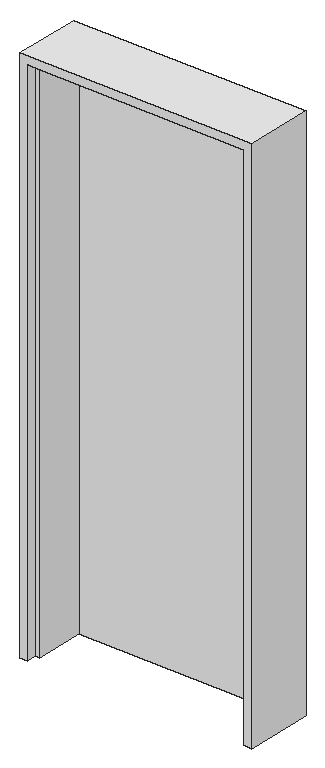
Revit family
Parameters
  프레임 투영 외부. = 25 mm
  프레임 투영 내부. = 25 mm
  프레임 폭 = 75 mm
  Height = 2100 mm
  Wall Closure = (empty or 0)
  Width = 900 mm
  문 패널 = SD2 문 패널
  문 프레임 = SD2 문 프레임
Reference planes
  plane 1: y = 0
  plane 2 "중심(왼쪽/오른쪽)": x = 0
  plane 3 "왼쪽": x = -450
  plane 4 "오른쪽": x = 450
  plane 5: z = 2100
  plane 6 "외부": y = 100
  plane 7 "내부": y = -100
  plane 8: x = 420
  plane 9: y = 130
  plane 10: y = -130
  plane 11: x = -420
  plane 12: x = -400
  plane 13: x = 400
  plane 14: y = 95
  plane 15: y = -95
  plane 16: z = 1050
  plane 17: z = 2070
  plane 18: z = 2050
  plane 19: z = 900
  plane 20: z = 870
  plane 21: z = 930
  plane 22: x = 350
  plane 23: x = 320
Forms (mm)
  Sweep 1, solid, material "SD2 문 프레임" <- "문 프레임"
    path origin (2625, 130, 1200) x (1, 0, 0) y (0, 0, 1)
      loop
        line (-2175, -1200) -> (-2175, 900) -> (-3075, 900) -> (-3075, -1200)
    profile origin (450, 130, 0) x (-1, 0, 0) y (0, -1, 0)
      loop
        line (0, 0) -> (30, 0) -> (30, 35) -> (50, 35) -> (50, 225) -> (30, 225) -> (30, 260) -> (0, 260) -> (0, 0)
  Extrusion 2, solid, material "SD2 문 패널" <- "문 패널"
    sketch origin (0, 0, 0) x (1, 0, 0) y (0, 1, 0)
      loop
        line (-420, 130) -> (-420, 95) -> (420, 95) -> (420, 130) -> (-420, 130)
    from 0 to 2070
Lines and regions (mm)
  Opening 1
    outline origin (-3050, -100, 0) x (1, 0, 0) y (0, 0, 1)
      loop
        line (2600, 0) -> (3500, 0) -> (3500, 2100) -> (2600, 2100) -> (2600, 0)
  symbolic lines, style "평면 스윙"
    curve 1: line (-420, 130, 0) -> (-420, 970, 0)
    curve 2: line (-420, 970, 0) -> (-385, 970, 0)
    curve 3: line (-385, 970, 0) -> (-385, 130, 0)
    curve 4: line (-385, 130, 0) -> (-420, 130, 0)
    curve 5: arc (-385, 970, 0) -> (186.47, 711.93, 0) -> (420, 130, 0) r 840
  symbolic lines
    curve 6: circle (350, 130, 900) r 30 normal (0, -1, 0)
    curve 7: line (410, 130, 900) -> (290, 130, 900)
    curve 8: line (350, 130, 840) -> (350, 130, 960)
  symbolic lines, style "입면도 스윙"
    curve 9: line (420, 130, 2070) -> (-420, 130, 1050)
    curve 10: line (-420, 130, 1050) -> (420, 130, 0)
Text (mm)
  text "외부" at (-2295.016, 1099.543, 0), in view "참조 레벨"
  text "외부" at (0, 1615.38, 3698.081), in view "왼쪽"
  text "외부" at (0, 1036.032, 3874.932), in view "오른쪽"
Dimensions and locks
  equal spacing: plane 3 "왼쪽", plane 2 "중심(왼쪽/오른쪽)", plane 4 "오른쪽"
  "Width": plane 3 "왼쪽" to plane 4 "오른쪽"
  "Height": plane 5 to host wall
  host wall to plane 5 = 2100 mm  (x2)
  locked: plane 6 "외부" to host wall at 0
  locked: plane 7 "내부" to host wall
  plane 14 to plane 6 "외부" to plane 9 = 5 mm locked, 30 mm locked
  plane 10 to plane 7 "내부" to plane 15 = 30 mm locked, 5 mm locked
  plane 3 "왼쪽" to plane 11 to plane 12 = 30 mm locked, 20 mm locked
  plane 13 to plane 8 to plane 4 "오른쪽" = 20 mm locked, 30 mm locked
  equal spacing: level, plane 16, plane 5
  plane 18 to plane 17 to plane 5 = 20 mm locked, 30 mm locked
  plane 23 to plane 22 to plane 13 = 30 mm locked, 50 mm locked
  locked: level to plane 19 at 900
  plane 20 to plane 19 to plane 21 = 30 mm locked, 30 mm locked
  aligned and locked: plane 3 "왼쪽" to Opening 1 sketch curve
  aligned and locked: plane 5 to Opening 1 sketch curve  (x2)
  aligned and locked: Opening 1 sketch curve to plane 4 "오른쪽"
  aligned and locked: Opening 1 sketch curve to level
  aligned and locked: plane 1 to host wall
  aligned and locked: host wall to Sweep 1 sketch curve
  aligned and locked: Sweep 1 sketch curve to host wall  (x3)
  aligned and locked: Sweep 1 sketch curve to plane 4 "오른쪽"
  aligned and locked: plane 10 to Sweep 1 sketch curve
  aligned and locked: plane 8 to Sweep 1 sketch curve  (x2)
  aligned and locked: Sweep 1 sketch curve to plane 9
  aligned and locked: plane 13 to Sweep 1 sketch curve
  aligned and locked: Sweep 1 sketch curve to plane 14
  aligned and locked: plane 15 to Sweep 1 sketch curve
  aligned and locked: Sweep 1 to Extrusion 2 sketch curve  (x2)
  aligned and locked: Extrusion 2 sketch curve to Sweep 1  (x2)
  aligned and locked: Extrusion 2 to plane 17
  aligned and locked: curve 5 to Extrusion 2
  aligned and locked: plane 19 to curve 7
  aligned and locked: curve 8 to plane 22
  aligned and locked: curve 10 to Sweep 1
Automatic sketch dimensions
  Sweep 1 sketch curve to level = 0 mm
  curve 1 to plane 11 = 0 mm
  curve 4 to plane 9 = 0 mm
  curve 5 to plane 8 = 0 mm
  curve 5 to plane 11 = 0 mm
  curve 4 to plane 12 = 15 mm
  curve 5 to plane 9 = 0.729 mm
  curve 9 to plane 11 = 0 mm
  curve 6 to plane 19 = 0 mm
  curve 6 to plane 22 = 0 mm
  curve 10 to level = 0 mm
  curve 9 to plane 8 = 0 mm
  curve 9 to plane 16 = 0 mm
  curve 9 to plane 17 = 0 mm
  plane 23 to curve 7 = 30 mm
  plane 8 to curve 7 = 10 mm
  curve 8 to plane 20 = 30 mm
  plane 21 to curve 8 = 30 mm
  radius of curve 6 = 30 mm
